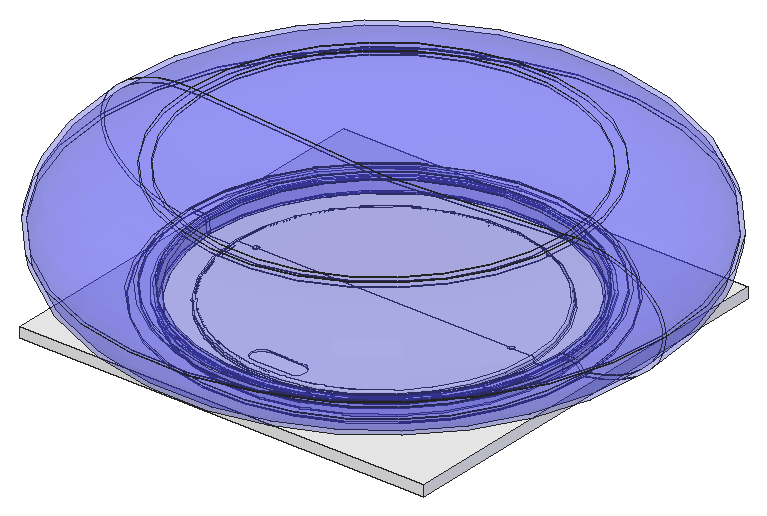
Revit family "BE_12162_de_DE", category Leuchten, Revit 2015
Parameters (values of type "BEGA_12162_K4")
  built-in parameter 1150104 = 12.104 (stored number, unit not read)
  Wattage = 37.8 W
  Default Elevation = 0 mm
  built-in parameter 1150113 = 1 (stored number, unit not read)
  built-in parameter 1114218 = 1 (stored number, unit not read)
  Umgebungstemperatur = ""
  URL = "http://www.bega.de/produkt/12162"
  Typenkommentare = "© 2017 BEGA. Wir behalten uns das Recht vor, technische Änderungen ohne vorherige Ankündigung vorzunehmen."  # constant formula
  built-in parameter 1150134 = 12
  built-in parameter 1150109 = 1 (stored number, unit not read)
  Strom = ""
  built-in parameter 1150110 = 1 (stored number, unit not read)
  Spannung = 239.996 V
  Sonderanfertigung = no
  Seriennummer [instance] = "Hier können Sie die eindeutige Seriennummer für das Facility Management eintragen."
  Schutzklasse = "I"
  Schutzart = "IP 20"
  Scheinlast = 0 VA
  Produktdatenblatt = "http://www.bega.de/download/Xrfa/db/12162.db.de.pdf"
  Oberflächentemperatur = ""
  Neigungswinkel = 0.00°
  Modell = "12162K4"
  Material_17 = BEGA_Reflektor
  Material_15 = BEGA_Leuchtmedium_matt
  Material_11 = BEGA_Glas_opal
  Material_09 = BEGA_Glas_klar
  Material_06 = BEGA_Oberfläche_Edelstahl_gebürstet
  Material_05 = BEGA_Oberfläche_Aluminium Guss
  Material_03 = BEGA_Oberfläche_Weiss_matt
  Material_02 = BEGA_Oberfläche_Silber_matt
  Material_01 [instance] = BEGA_Oberfläche_Grafit_matt
  M_W = no
  M_G = no
  M_A = no
  Logo = 0
  built-in parameter 1114217 = 1 (stored number, unit not read)
  built-in parameter 1150139 = (empty or 0)
  built-in parameter 1150105 = 1256.6 (stored number, unit not read)
  built-in parameter 1150114 = 1 (stored number, unit not read)
  Lumens = 4924.96 lm
  built-in parameter 1150115 = 1 (stored number, unit not read)
  Leuchtenlichtstrom = "3915 lm"
  Leuchtenanzahl = ""
  Lebensdauerkriterien = "L70 = 50.000 h"
  Lastklassifizierung = Beleuchtung
  built-in parameter 1150112 = 1 (stored number, unit not read)
  Lampenlichtstrom = "4925 lm"
  Lampe = "LED 37.8 W"
  LED_Modulbezeichnung = "LED-0531/940 "
  Hersteller = "BEGA"  # constant formula
  Halbstreuwinkel = ""
  Gewicht = "7.5 kg"
  Gebrauchslageneinschränkung [instance] = ""
  Frequenz = "0/50-60 Hz"
  Farbwiedergabeindex = "Ra > 90"
  Farbtemperaturverschiebung bei Dämpfen der Lampe = <Keine Auswahl>
  Farbtemperatur = "4000 K"
  Color Filter = 16777215
  built-in parameter 1150133 = 10 (stored number, unit not read)
  Energieeffizienzklasse = "LED A++ - A"
  built-in parameter 1150137 = (empty or 0)
  built-in parameter 1150132 = (empty or 0)
  ENEC = ""
  Dimmbar [instance] = "DALI"
  Datei für fotometrisches Netz = "BE_12162K4.IES"
  CE_Konformität = "ja"
  Bestellnummer = "12162K4"
  Beschreibung_Sonderanfertigung = "Hier können Sie Informationen zur Sonderanfertigung eintragen."
  Beschreibung = "Decken- und Wandleuchte"
  built-in parameter 1150106 = 12.566 (stored number, unit not read)
  Befestigungsbohrung = "Ø 5,5 mm"
  Befestigungsabstand = "253 mm"
  Ballwurfsicher = ""
  BEGA_Intern_aus = yes
  BEGA_Intern_an = yes
  BEGA_Intern_Konstruktion = yes
  BEGA_Intern = yes
  BEGA_IES = yes
  BEGA_Dummy = no
  Anschlussleitung = ""
  Anschlussleistung [instance] = "42.6 W"
  Anschlusskasten = ""
  built-in parameter 1150107 = 4000 (stored number, unit not read)
  built-in parameter 1150102 = (empty or 0)
  built-in parameter 1150138 = (empty or 0)
  Aktualisierung = "2017-06-19T04:08:15"
  Abstand_zur_angestrahlten_Fläche [instance] = ""
  AC/DC = "AC/DC"
Types (2, lengths in mm): name | built-in parameter 1150104 | built-in parameter 1150134 | Modell | built-in parameter 1150105 | Lumens | Leuchtenlichtstrom | Lampenlichtstrom | LED_Modulbezeichnung | Farbtemperatur | Datei für fotometrisches Netz | Bestellnummer | built-in parameter 1150106 | built-in parameter 1150107
  BEGA_12162_K3 | 11.674 (stored number, unit not read) | (empty or 0) | "12162" | 1211.9 (stored number, unit not read) | 4749.95 lm | "3776 lm" | "4750 lm" | "LED-0531/930 " | "3000 K" | "BE_12162.IES" | "12162" | 12.119 (stored number, unit not read) | 3000 (stored number, unit not read)
  BEGA_12162_K4 | 12.104 (stored number, unit not read) | 12 | "12162K4" | 1256.6 (stored number, unit not read) | 4924.96 lm | "3915 lm" | "4925 lm" | "LED-0531/940 " | "4000 K" | "BE_12162K4.IES" | "12162K4" | 12.566 (stored number, unit not read) | 4000 (stored number, unit not read)
Reference planes
  plane 1 "Mitte (Vorne/Hinten)": y = 0
  plane 2: z = 0
  plane 3 "Mitte (Links/Rechts)": x = 0
  plane 4 "Links": x = -280
  plane 5 "Rechts": x = 280
  plane 6 "Unten": y = -280
  plane 7 "Oben": y = 280
  plane 8 "Vorne": z = 127.482
  plane 9 "Hinten": z = 0
Forms (mm)
  Extrusion 1, solid, material "BEGA_Platte_Weiss"
    sketch origin (0, -1119.2, 0) x (1, 0, 0) y (0, 1, 0)
      loop
        line (-200, 1319.2) -> (-200, 919.2) -> (200, 919.2) -> (200, 1319.2) -> (-200, 1319.2)
    from 0 to -10
  Extrusion 2, solid, material "BEGA_Dummy_matt", visible <- "BEGA_Dummy"
    sketch origin (77.149, -76.023, 0) x (1, 0, 0) y (0, 1, 0)
      loop
        circle (-77.149, 76.023) r 280
    from 0 to 127.482
Dimensions and locks
  plane 1 "Mitte (Vorne/Hinten)" to Extrusion 1 = 200 mm
  aligned and locked: plane 2 to Extrusion 1
  aligned and locked: level to Extrusion 1
Nested families
  nested 1: "BE_12162" at (0, 0, 0), type "BE_12162"
Connectors
  electrical at (0, 0, 0), driven by "Lastklassifizierung", driven by "Spannung", driven by "Scheinlast"
    settings: index 1, voltage 239.996 V, apparent load 0 VA, apparent load phase1 0 VA, apparent load phase2 0 VA, apparent load phase3 0 VA, power factor 1, load classification "Beleuchtung", number of poles 1, system type 31, power factor state 1, is connector primary yes, connector utility no, sub classification motor no, connector description ""
Definition of nested family "BE_12162"
  Parameters (values of type "BE_12162")
    Default Elevation = 1 mm
    URL = "http://www.bega.de/de/produkt"
    Type Comments = "© 2015 BEGA. Wir behalten uns das Recht vor, technische Änderungen ohne vorherige Ankündigung vorzunehmen. "  # constant formula
    Type Image = (empty or 0)
    Neigungswinkel_um_Z2 = 0.00°
    Neigungswinkel_um_Z1 = 0.00°
    Neigungswinkel_um_Y2 = 0.00°
    Neigungswinkel_um_Y1 = 0.00°
    Neigungswinkel_um_X2 = 0.00°
    Neigungswinkel_um_X1 = 0.00°
    Material_17 = none
    Material_15 = none
    Material_11 = none
    Material_09 = none
    Material_06 = none
    Material_05 = none
    Material_03 = none
    Material_02 = none
    Material_01 = none
    M_W = yes
    M_G = yes
    M_A = yes
    Länge_Platte = 700 mm  # constant formula
    Höhe_Platte = -10 mm  # constant formula
    Manufacturer = "BEGA"  # constant formula
    Drehwinkel_um_Z2 = 0.00°
    Drehwinkel_um_Z1 = 0.00°
    Breite_Platte = 700 mm  # constant formula
  Reference planes
    plane 1 "Mitte (Oben/Unten)": y = 0
    plane 2: z = 0
    plane 3 "Mitte (Links/Rechts)": x = 0
    plane 4: x = 280
    plane 5: z = 127.482
    plane 6: x = -280
    plane 7: y = -280
    plane 8: y = 280
  Forms (mm)
    Extrusion 1, solid, detail levels medium
      sketch origin (0, 0, 0) x (1, 0, 0) y (0, 1, 0)
        loop
          line (-350, 350) -> (-350, -350) -> (350, -350) -> (350, 350) -> (-350, 350)
      from 0 to -10 <- "Höhe_Platte"
    Revolve 2, solid, material <- "Material_03", detail levels medium+fine
      sketch origin (0, 0, 0) x (1, 0, 0) y (0, 0, 1)
        loop
          line (-174.56, 1.5) -> (-148.966, 1.5)
          arc (-148.966, 1.5) -> (-147.403, 2.131) -> (-146.717, 3.671) r 2.25
          line (-146.717, 3.671) -> (-146.652, 5.536)
          arc (-146.652, 5.536) -> (-146.351, 6.216) -> (-145.665, 6.5) r 1
          line (-145.665, 6.5) -> (0, 6.5) -> (0, 7.75) -> (-145.67, 7.75)
          arc (-145.67, 7.75) -> (-147.222, 7.113) -> (-147.901, 5.579) r 2.25
          line (-147.901, 5.579) -> (-147.969, 3.663)
          arc (-147.969, 3.663) -> (-148.29, 3.013) -> (-148.966, 2.75) r 1
          line (-148.966, 2.75) -> (-174.56, 2.75)
          arc (-174.56, 2.75) -> (-175.234, 3.011) -> (-175.556, 3.658) r 1
          line (-175.556, 3.658) -> (-176.5, 14.446)
          arc (-176.5, 14.446) -> (-177.221, 15.909) -> (-178.741, 16.5) r 2.25
          line (-178.741, 16.5) -> (-180.75, 16.5) -> (-180.75, 15.25) -> (-178.739, 15.25)
          arc (-178.739, 15.25) -> (-178.065, 14.987) -> (-177.745, 14.337) r 1
          line (-177.745, 14.337) -> (-176.801, 3.545)
          arc (-176.801, 3.545) -> (-176.077, 2.088) -> (-174.56, 1.5) r 2.25
        axis (0, 16.5) -> (0, 1.5)
      angle from 0 to 360
    Revolve 3, solid, material <- "Material_11", detail levels medium+fine
      sketch origin (0, 0, 0) x (1, 0, 0) y (0, 0, 1)
        loop
          arc (-179.318, 126.662) -> (-184.53, 127.144) -> (-189.757, 127.415) r 130.189
          spline (-189.757, 127.415) -> (-201.28, 127.276) -> (-212.675, 126.129) -> (-223.736, 123.994) -> (-234.264, 120.911) -> (-244.069, 116.934) -> (-252.974, 112.136) -> (-260.82, 106.603) -> (-267.464, 100.434) -> (-272.786, 93.741) -> (-276.692, 86.645) -> (-279.109, 79.273) -> (-279.996, 71.759)
          spline (-279.996, 71.759) -> (-279.441, 64.433) -> (-277.563, 57.195) -> (-274.386, 50.138) -> (-269.952, 43.352) -> (-264.317, 36.924) -> (-257.553, 30.937) -> (-249.747, 25.468) -> (-241, 20.587) -> (-231.424, 16.357) -> (-221.141, 12.831) -> (-210.285, 10.056) -> (-198.993, 8.067)
          arc (-198.993, 8.067) -> (-198.54, 8.109) -> (-198.152, 8.348) r 1
          line (-198.152, 8.348) -> (-190.293, 16.207)
          arc (-190.293, 16.207) -> (-189.969, 16.423) -> (-189.588, 16.5) r 1
          line (-189.588, 16.5) -> (-176.617, 16.5)
          arc (-176.617, 16.5) -> (-175.942, 16.237) -> (-175.62, 15.587) r 1
          line (-175.62, 15.587) -> (-174.65, 4.5) -> (-170.635, 4.5) -> (-171.634, 15.919)
          arc (-171.634, 15.919) -> (-173.232, 19.181) -> (-176.616, 20.5) r 5
          line (-176.616, 20.5) -> (-189.586, 20.5)
          arc (-189.586, 20.5) -> (-191.499, 20.119) -> (-193.121, 19.036) r 5
          line (-193.121, 19.036) -> (-199.916, 12.241)
          spline (-199.916, 12.241) -> (-210.723, 14.175) -> (-221.092, 16.855) -> (-230.885, 20.238) -> (-239.966, 24.281) -> (-248.22, 28.915) -> (-255.535, 34.065) -> (-261.812, 39.655) -> (-266.99, 45.593) -> (-271.022, 51.785) -> (-273.868, 58.142) -> (-275.525, 64.6) -> (-276, 71.099)
          spline (-276, 71.099) -> (-275.322, 77.862) -> (-273.237, 84.556) -> (-269.739, 91.092) -> (-264.86, 97.354) -> (-258.659, 103.204) -> (-251.225, 108.511) -> (-242.699, 113.158) -> (-233.237, 117.031) -> (-223.021, 120.05) -> (-212.25, 122.148) -> (-201.129, 123.277) -> (-189.874, 123.417)
          arc (-189.874, 123.417) -> (-184.793, 123.152) -> (-179.727, 122.683) r 126.189
          spline (-179.727, 122.683) -> (-164.861, 121.029) -> (-149.965, 119.518) -> (-135.043, 118.151) -> (-120.098, 116.926) -> (-105.132, 115.846) -> (-90.147, 114.909) -> (-75.147, 114.115) -> (-60.133, 113.466) -> (-45.109, 112.961) -> (-30.077, 112.6) -> (-15.04, 112.384) -> (0, 112.312)
          line (0, 112.312) -> (0, 116.312)
          spline (0, 116.312) -> (-15.006, 116.384) -> (-30.009, 116.6) -> (-45.007, 116.96) -> (-59.997, 117.464) -> (-74.976, 118.112) -> (-89.943, 118.903) -> (-104.893, 119.839) -> (-119.825, 120.917) -> (-134.736, 122.139) -> (-149.624, 123.504) -> (-164.485, 125.012) -> (-179.318, 126.662)
        axis (0, 127.415) -> (0, 4.5)
      angle from 0 to 360
    Revolve 4, solid, material <- "Material_03", detail levels medium+fine
      sketch origin (0, 0, 0) x (1, 0, 0) y (0, 0, 1)
        loop
          arc (-168.97, 2.123) -> (-165.643, 0.543) -> (-162, 0) r 12.498
          line (-162, 0) -> (-162, 2.123) -> (-168.97, 2.123)
        axis (-162, 0) -> (-162, 2.123)
      angle from 0 to 360
    Extrusion 5, void
      sketch origin (0, 0, 0) x (1, 0, 0) y (0, 1, 0)
        loop
          circle (-126.5, 0) r 2.75
        loop
          arc (17, -140) -> (27, -130) -> (17, -120) r 10
          line (17, -120) -> (-17, -120)
          arc (-17, -120) -> (-27, -130) -> (-17, -140) r 10
          line (-17, -140) -> (17, -140)
        loop
          circle (126.5, 0) r 2.75
      from 0 to 10
    Revolve 6, solid, material <- "Material_03", detail levels medium+fine
      sketch origin (0, 0, 0) x (0, -1, 0) y (0, 0, 1)
        loop
          arc (-168.97, 2.123) -> (-165.643, 0.543) -> (-162, 0) r 12.498
          line (-162, 0) -> (-162, 2.123) -> (-168.97, 2.123)
        axis (-162, 0) -> (-162, 2.123)
      angle from 0 to 360
    Revolve 7, solid, material <- "Material_03", detail levels medium+fine
      sketch origin (0, 0, 0) x (0, 1, 0) y (0, 0, 1)
        loop
          arc (-168.97, 2.123) -> (-165.643, 0.543) -> (-162, 0) r 12.498
          line (-162, 0) -> (-162, 2.123) -> (-168.97, 2.123)
        axis (-162, 0) -> (-162, 2.123)
      angle from 0 to 360
    Revolve 8, solid, material <- "Material_03", detail levels medium+fine
      sketch origin (0, 0, 0) x (-1, 0, 0) y (0, 0, 1)
        loop
          arc (-168.97, 2.123) -> (-165.643, 0.543) -> (-162, 0) r 12.498
          line (-162, 0) -> (-162, 2.123) -> (-168.97, 2.123)
        axis (-162, 0) -> (-162, 2.123)
      angle from 0 to 360
  Cuts and joins
    Extrusion 5 cuts Revolve 2
    Extrusion 5 cuts Revolve 4
    joined: Revolve 2, Revolve 4, Revolve 6, Revolve 7, Revolve 8
  Dimensions and locks
    equal spacing: Extrusion 1 sketch curve, plane 3 "Mitte (Links/Rechts)", Extrusion 1 sketch curve
    equal spacing: Extrusion 1 sketch curve, plane 1 "Mitte (Oben/Unten)", Extrusion 1 sketch curve
    "Länge_Platte": Extrusion 1 sketch curve to Extrusion 1 sketch curve
    "Breite_Platte": Extrusion 1 sketch curve to Extrusion 1 sketch curve
    aligned and locked: Extrusion 1 to plane 2
    aligned and locked: level to Extrusion 1
  Automatic sketch dimensions
    Revolve 4 sketch curve to Revolve 4 sketch curve = 6.969 mm
    Revolve 4 sketch curve to Revolve 4 sketch curve = 6.97 mm
    Revolve 4 sketch curve to Revolve 4 sketch curve = 2.123 mm
    Revolve 4 sketch curve to Revolve 4 sketch curve = 0 mm
    Revolve 4 sketch curve to Revolve 4 sketch curve = 0.59 mm
    Revolve 4 sketch curve to Revolve 4 sketch curve = 1.377 mm
    Revolve 2 sketch curve to Revolve 2 sketch curve = 0 mm  (x25)
    Revolve 2 sketch curve to plane 3 "Mitte (Links/Rechts)" = 0 mm  (x2)
    level to Revolve 2 sketch curve = 3.75 mm
    level to Revolve 2 sketch curve = 3.658 mm
    Revolve 2 sketch curve to Revolve 2 sketch curve = 0.996 mm  (x3)
    level to Revolve 2 sketch curve = 3.545 mm
    Revolve 2 sketch curve to Revolve 2 sketch curve = 1.245 mm
    Revolve 2 sketch curve to Revolve 2 sketch curve = 1.938 mm
    Revolve 2 sketch curve to Revolve 2 sketch curve = 0.002 mm
    Revolve 2 sketch curve to Revolve 2 sketch curve = 2.011 mm
    Revolve 2 sketch curve to Revolve 2 sketch curve = 1.25 mm  (x3)
    Revolve 2 sketch curve to Revolve 2 sketch curve = 10.705 mm
    Revolve 2 sketch curve to Revolve 2 sketch curve = 1 mm
    Revolve 2 sketch curve to Revolve 2 sketch curve = 2.241 mm
    level to Revolve 2 sketch curve = 14.337 mm
    Revolve 2 sketch curve to Revolve 2 sketch curve = 0.25 mm
    Revolve 2 sketch curve to Revolve 2 sketch curve = 3.301 mm
    Revolve 2 sketch curve to Revolve 2 sketch curve = 25.595 mm
    Revolve 2 sketch curve to Revolve 2 sketch curve = 0.005 mm
    level to Revolve 2 sketch curve = 5.536 mm
    Revolve 2 sketch curve to Revolve 2 sketch curve = 0.987 mm
    Revolve 2 sketch curve to Revolve 2 sketch curve = 0.999 mm
    Revolve 2 sketch curve to Revolve 2 sketch curve = 0.036 mm
    level to Revolve 2 sketch curve = 3.663 mm
    Revolve 2 sketch curve to Revolve 2 sketch curve = 1.249 mm
    level to Revolve 2 sketch curve = 3.671 mm
    Revolve 2 sketch curve to Revolve 2 sketch curve = 1.252 mm
    Revolve 2 sketch curve to Revolve 2 sketch curve = 0.087 mm
    Revolve 6 sketch curve to Revolve 6 sketch curve = 6.969 mm
    Revolve 6 sketch curve to Revolve 6 sketch curve = 6.97 mm
    Revolve 6 sketch curve to Revolve 6 sketch curve = 2.123 mm
    Revolve 6 sketch curve to Revolve 6 sketch curve = 0 mm
    Revolve 6 sketch curve to Revolve 6 sketch curve = 0.59 mm
    Revolve 6 sketch curve to Revolve 6 sketch curve = 1.377 mm
    Revolve 7 sketch curve to Revolve 7 sketch curve = 6.969 mm
    Revolve 7 sketch curve to Revolve 7 sketch curve = 6.97 mm
    Revolve 7 sketch curve to Revolve 7 sketch curve = 2.123 mm
    Revolve 7 sketch curve to Revolve 7 sketch curve = 0 mm
    Revolve 7 sketch curve to Revolve 7 sketch curve = 0.59 mm
    Revolve 7 sketch curve to Revolve 7 sketch curve = 1.377 mm
    Revolve 8 sketch curve to Revolve 8 sketch curve = 6.969 mm
    Revolve 8 sketch curve to Revolve 8 sketch curve = 6.97 mm
    Revolve 8 sketch curve to Revolve 8 sketch curve = 2.123 mm
    Revolve 8 sketch curve to Revolve 8 sketch curve = 0 mm
    Revolve 8 sketch curve to Revolve 8 sketch curve = 0.59 mm
    Revolve 8 sketch curve to Revolve 8 sketch curve = 1.377 mm
    Revolve 4 sketch curve to level = 0 mm
    Revolve 6 sketch curve to level = 0 mm
    Revolve 7 sketch curve to level = 0 mm
    Revolve 8 sketch curve to level = 0 mm
    plane 1 "Mitte (Oben/Unten)" to Extrusion 5 sketch curve = 0 mm  (x2)
    Extrusion 5 sketch curve to plane 3 "Mitte (Links/Rechts)" = 17 mm
    plane 3 "Mitte (Links/Rechts)" to Extrusion 5 sketch curve = 17 mm
    Extrusion 5 sketch curve to Extrusion 5 sketch curve = 10 mm
    Revolve 3 sketch curve to plane 3 "Mitte (Links/Rechts)" = 0 mm  (x3)
    level to Revolve 3 sketch curve = 4.5 mm
    level to Revolve 3 sketch curve = 15.919 mm
    Revolve 3 sketch curve to Revolve 3 sketch curve = 0.999 mm
    Revolve 3 sketch curve to Revolve 3 sketch curve = 4.015 mm
    Revolve 3 sketch curve to Revolve 3 sketch curve = 4.982 mm
    Revolve 3 sketch curve to Revolve 3 sketch curve = 0.001 mm  (x4)
    Revolve 3 sketch curve to Revolve 3 sketch curve = 12.968 mm
    Revolve 3 sketch curve to Revolve 3 sketch curve = 0 mm  (x13)
    Revolve 3 sketch curve to Revolve 3 sketch curve = 0.002 mm  (x2)
    Revolve 3 sketch curve to level = 2.707 mm
    Revolve 3 sketch curve to Revolve 3 sketch curve = 4.317 mm
    level to Revolve 3 sketch curve = 8.348 mm
    Revolve 3 sketch curve to Revolve 3 sketch curve = 8.566 mm
    Revolve 3 sketch curve to Revolve 3 sketch curve = 0.704 mm
    level to Revolve 3 sketch curve = 12.241 mm
    Revolve 3 sketch curve to Revolve 3 sketch curve = 1.06 mm
    Revolve 3 sketch curve to Revolve 3 sketch curve = 0.71 mm
    Revolve 3 sketch curve to Revolve 3 sketch curve = 3.259 mm
    Revolve 3 sketch curve to Revolve 3 sketch curve = 0.419 mm
    Revolve 3 sketch curve to Revolve 3 sketch curve = 1 mm  (x2)
    Revolve 3 sketch curve to Revolve 3 sketch curve = 4 mm
    Revolve 3 sketch curve to Revolve 3 sketch curve = 102.917 mm
    level to Revolve 3 sketch curve = 15.587 mm
    Revolve 3 sketch curve to Revolve 3 sketch curve = 0.996 mm
    Revolve 3 sketch curve to Revolve 3 sketch curve = 13.436 mm
    Revolve 3 sketch curve to Revolve 3 sketch curve = 10.556 mm
    Revolve 3 sketch curve to Revolve 3 sketch curve = 0.409 mm
    Revolve 3 sketch curve to Revolve 3 sketch curve = 0.117 mm
    Revolve 3 sketch curve to Revolve 3 sketch curve = 0.705 mm
    level to Revolve 3 sketch curve = 16.207 mm
    Revolve 3 sketch curve to Revolve 3 sketch curve = 3.536 mm
    Revolve 3 sketch curve to Revolve 3 sketch curve = 17.719 mm
    Revolve 3 sketch curve to Revolve 3 sketch curve = 0.841 mm
    Revolve 3 sketch curve to Revolve 3 sketch curve = 3.996 mm
    Revolve 3 sketch curve to Revolve 3 sketch curve = 0.004 mm
    Revolve 3 sketch curve to Revolve 3 sketch curve = 3.605 mm
    plane 3 "Mitte (Links/Rechts)" to Revolve 3 sketch curve = 0.001 mm
    Revolve 3 sketch curve to Revolve 3 sketch curve = 2.828 mm
    Revolve 3 sketch curve to Revolve 3 sketch curve = 0.014 mm
    Revolve 2 sketch curve to plane 3 "Mitte (Links/Rechts)" = 145.653 mm
    Revolve 3 sketch curve to plane 3 "Mitte (Links/Rechts)" = 170.635 mm
    Revolve 3 sketch curve to Revolve 3 sketch curve = 0.288 mm
    Revolve 3 sketch curve to Revolve 3 sketch curve = 81.843 mm
    Revolve 4 sketch curve to plane 3 "Mitte (Links/Rechts)" = 168.97 mm
    Extrusion 5 sketch curve to plane 3 "Mitte (Links/Rechts)" = 126.5 mm
    level to Revolve 3 sketch curve = 71.099 mm
    level to Revolve 3 sketch curve = 112.312 mm
    level to Revolve 3 sketch curve = 938.502 mm
    plane 3 "Mitte (Links/Rechts)" to Extrusion 5 sketch curve = 126.5 mm
    plane 3 "Mitte (Links/Rechts)" to Revolve 8 sketch curve = 168.97 mm
    plane 1 "Mitte (Oben/Unten)" to Extrusion 5 sketch curve = 120 mm
    plane 1 "Mitte (Oben/Unten)" to Revolve 7 sketch curve = 168.97 mm
    Revolve 6 sketch curve to plane 1 "Mitte (Oben/Unten)" = 168.97 mm
    radius of Extrusion 5 sketch curve = 2.75 mm  (x2)
